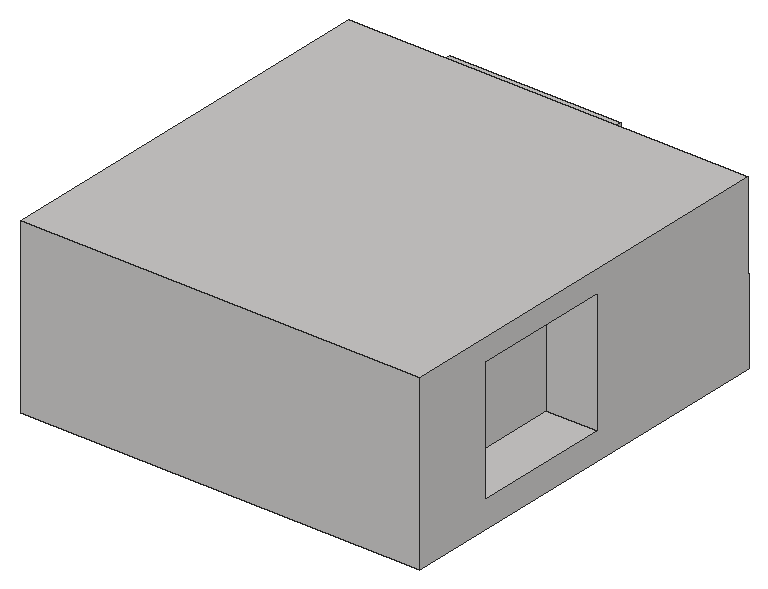
Revit family
Parameters
  Width = 4' - 0 1/8"
  Voltage = 208 V
  Unit Weight = "220.0 lbs"
  UltraLoc Liner = Choose Liner Option = 3  # no
  URL = "http://www.titus-hvac.com/"
  UL = "181"
  Supply Air Flow [instance] = 0 CFM
  SteriLoc Liner = Choose Liner Option = 2  # no
  Primary Air Pressure Drop [instance] = 0.00 in-wg
  Primary Air Flow [instance] = 0 CFM
  Plenum Air Pressure Drop [instance] = 0.00 in-wg
  Plenum Air Flow [instance] = 0 CFM
  Outlet Width = 1' - 4 1/2"
  Outlet Vertical Offset = 0' - 1 1/8"
  Outlet Horizontal Offset = 0' - 1 3/8"
  Outlet Height = 1' - 2 1/2"
  Number of Poles = 2
  Nominal Width = Width + 0' 6 1/4"  # 4' - 6 3/8"
  Nominal Length = Length + 0' 3 3/8"  # 4' - 2 1/4"
  Nominal Inlet Size = 1' - 2"
  Nominal Height = 1' - 8 1/8"
  NFPA = "90A"
  Motor Full Load Amps = 4.3 A
  Model = "DTQS"
  Min. Air Flow = 0 CFM
  Max. Air Flow = 0 CFM
  Material = Galvanized Steel
  Manufacturer = "Titus"
  Length = 3' - 10 7/8"
  Juction Box Offset = 0' - 6 7/8"
  Inlet Diameter = Nominal Inlet Size - 0' 0 1/8"  # 1' - 1 7/8"
  Induced offset = 0' - 1 1/4"
  Induced Air Inlet Offset = 0' - 4 1/2"
  Induced Air Inlet Width = 1' - 9"
  Induced Air Inlet Height = 1' - 5 1/2"
  Induced Air Filter = no
  Heating Total Capacity [instance] = 0 Btu/h
  Half Outlet Connection Width = Outlet Width / 2  # 0' - 8 1/4"
  Half Outlet Connection Height = Outlet Height / 2  # 0' - 7 1/4"
  Half Height Start = -(Nominal Height / 2)  # -0' - 10 1/16"
  Half Height End = Nominal Height / 2  # 0' - 10 1/16"
  HP-Motor = "1/3"
  Frequency = 60 Hz
  Filter Size = "27\"x20\""
  Fiber Free Liner = Choose Liner Option = 1  # no
  Fan Disconnect Switch = no
  Duct Radius = Nominal Inlet Size / 2  # 0' - 7"
  Description = "Series Fan Powered Terminal Unit, Direct Digital Control, Pressure Independent"
  Connection Void Radius = Connection Radius - 0' 0 1/4"  # 0' - 6 11/16"
  Connection Radius = Inlet Diameter / 2  # 0' - 6 15/16"
  Choose Liner Option = 0
  CADworks URL = "www.CADworks.net"
  Assembly Code = "D3040100"
  Apparent Power = Voltage * Motor Full Load Amps  # 894.4 VA
  Air Inlet Offset = 0' - 10"
  1/2" Fiberglass Liner = Choose Liner Option = 0  # yes
Reference planes (in)
  plane 1 "Center (Front/Back)": y = 0
  plane 2: z = 0
  plane 3 "Center (Left/Right)": x = 3
  plane 4: x = -20.4375
  plane 5: x = 26.4375
  plane 6: x = -13.5625
  plane 7: x = -23.8125
  plane 8 "Center (Elevation)": z = 0
  plane 9: y = -24.0625
  plane 10: y = 24.0625
  plane 11: y = 14.0625
  plane 12: y = -19.5625
  plane 13: x = 20.4375
  plane 14: y = 30.3125
  plane 15: z = 10.0625
  plane 16: z = -10.0625
Forms (in)
  Extrusion 1, solid, material "Galvanized Steel" <- "Material"
    sketch origin (0, 0, 52) x (1, 0, 0) y (0, 1, 0)
      loop
        line (-20.4375, 24.0625) -> (-20.4375, -24.0625) -> (26.4375, -24.0625) -> (26.4375, 24.0625) -> (-20.4375, 24.0625)
    from -62.0625 <- "Half Height Start" to -41.9375 <- "Half Height End"
  Extrusion 2, solid, material "Galvanized Steel" <- "Material"
    sketch origin (5.0625, 0, -6) x (1, 0, 0) y (0, 1, 0)
      loop
        line (-18.625, 24.0625) -> (1.375, 24.0625) -> (1.375, 30.3125) -> (-18.625, 30.3125) -> (-18.625, 24.0625)
    from 0 to 12
  Extrusion 3, void
    sketch origin (26.4375, 24.0625, 53.125) x (0, 1, 0) y (0, 0, -1)
      loop
        line (-22.125, 45.5625) -> (-22.125, 60.0625) -> (-38.625, 60.0625) -> (-38.625, 45.5625) -> (-22.125, 45.5625)
    from 0 to 6
  Extrusion 4, solid, material "Galvanized Steel" <- "Material"
    sketch origin (-24.875, 0.5625, 0) x (0, 0, -1) y (0, 1, 0)
      loop
        circle (0, 13.5) r 6.9375
    from 1.0625 to 4.4375
  Extrusion 5, void
    sketch origin (-24.875, 0, 0) x (0, 1, 0) y (0, 0, 1)
      loop
        circle (14.0625, 0) r 6.6875
    from 1.0625 to 11.3125
  Extrusion 6, void
    sketch origin (-20.4375, -24.0625, 52) x (0, -1, 0) y (0, 0, -1)
      loop
        line (-25.5, 43.3125) -> (-4.5, 43.3125) -> (-4.5, 60.8125) -> (-25.5, 60.8125) -> (-25.5, 43.3125)
    from 0 to 6.875
Cuts and joins
  Extrusion 3, Extrusion 5, Extrusion 6 cuts Extrusion 1
  Extrusion 5 cuts Extrusion 4
Dimensions and locks (in)
  "Length": plane 5 to plane 4
  equal spacing: plane 5, plane 3 "Center (Left/Right)", plane 4
  locked: Extrusion 2 to plane 6 at 0
  locked: Extrusion 2 to Extrusion 2 at 20
  "Juction Box Offset": plane 6 to plane 4
  "Outlet Height": Extrusion 3 sketch curve to Extrusion 3 sketch curve
  "Outlet Width": Extrusion 3 sketch curve to Extrusion 3 sketch curve
  locked: plane 4 to plane 7 at 3.375
  "Width": plane 9 to plane 10
  equal spacing: plane 9, plane 1 "Center (Front/Back)", plane 10
  locked: Extrusion 4 sketch curve to level at 0
  locked: Extrusion 4 sketch curve to plane 11 at 0
  locked: Extrusion 5 sketch curve to level at 0
  locked: Extrusion 5 sketch curve to plane 11 at 0
  locked: Extrusion 2 to Extrusion 2 at 6.25
  "Air Inlet Offset": plane 10 to plane 11
  locked: Extrusion 2 to plane 10 at 0
  locked: cut or joined group of Extrusion 4, Extrusion 5 to plane 7 at 0
  locked: cut or joined group of Extrusion 4, Extrusion 5 to cut or joined group of Extrusion 4, Extrusion 5 at 3.375
  "Induced Air Inlet Offset": plane 9 to plane 12
  "Induced Air Inlet Width": Extrusion 6 sketch curve to Extrusion 6 sketch curve
  "Induced Air Inlet Height": Extrusion 6 sketch curve to Extrusion 6 sketch curve
  "Induced Air Inlet Offset": Extrusion 6 sketch curve to plane 9
  locked: plane 9 to Extrusion 3 sketch curve at 9.5
  cut or joined group of Extrusion 1, Extrusion 3, Extrusion 5, Extrusion 6 to Extrusion 3 sketch curve = 0' - 3 1/8"
  locked: Extrusion 2 to Extrusion 2 at 12
  equal spacing: Extrusion 2, level, Extrusion 2
  locked: cut or joined group of Extrusion 1, Extrusion 3, Extrusion 5, Extrusion 6 to cut or joined group of Extrusion 1, Extrusion 3, Extrusion 5, Extrusion 6 at 20.125
  equal spacing: cut or joined group of Extrusion 1, Extrusion 3, Extrusion 5, Extrusion 6, level, cut or joined group of Extrusion 1, Extrusion 3, Extrusion 5, Extrusion 6
  "Induced offset": Extrusion 6 sketch curve to cut or joined group of Extrusion 1, Extrusion 3, Extrusion 5, Extrusion 6
  "Connection Radius": radius of Extrusion 4 sketch curve
  "Connection Void Radius": radius of Extrusion 5 sketch curve
  aligned and locked: plane 6 to Extrusion 6
  aligned and locked: Extrusion 3 to plane 13
  aligned and locked: plane 5 to cut or joined group of Extrusion 1, Extrusion 3, Extrusion 5, Extrusion 6
  aligned and locked: cut or joined group of Extrusion 1, Extrusion 3, Extrusion 5, Extrusion 6 to plane 4
  aligned and locked: cut or joined group of Extrusion 1, Extrusion 3, Extrusion 5, Extrusion 6 to plane 10
  aligned and locked: plane 9 to cut or joined group of Extrusion 1, Extrusion 3, Extrusion 5, Extrusion 6
  aligned and locked: Extrusion 1 to Extrusion 6
  aligned and locked: Extrusion 5 to plane 7
  aligned and locked: plane 6 to Extrusion 5
Automatic sketch dimensions
  Extrusion 1 sketch curve to plane 4 = 0' - 0"
  plane 5 to Extrusion 1 sketch curve = 0' - 0"
  Extrusion 1 sketch curve to plane 9 = 0' - 0"
  Extrusion 1 sketch curve to plane 10 = 0' - 0"
  Extrusion 2 sketch curve to plane 6 = 0' - 0"
  Extrusion 2 sketch curve to plane 10 = 0' - 0"
  plane 3 "Center (Left/Right)" to Extrusion 2 sketch curve = 0' - 3 7/16"
  Extrusion 2 sketch curve to plane 10 = 0' - 6 1/4"
Connectors (in)
  electrical at (-3.5625, 30.3125, 0), driven by "Apparent Power", driven by "Voltage", driven by "Number of Poles"
    settings: on Extrusion 2, index 8
  hvac at (-23.8125, 14.0625, 0), driven by "Primary Air Flow", driven by "Duct Radius", driven by "Primary Air Pressure Drop"
    settings: on cut or joined group of Extrusion 4, Extrusion 5, index 9
  hvac at (-20.4375, -9.0625, -0.0625), driven by "Induced Air Inlet Height", driven by "Induced Air Inlet Width", driven by "Plenum Air Pressure Drop", driven by "Plenum Air Flow"
    settings: on cut or joined group of Extrusion 1, Extrusion 3, Extrusion 5, Extrusion 6, index 12
  hvac at (26.4375, -6.3125, 0.3125), driven by "Supply Air Flow", driven by "Outlet Width", driven by "Outlet Height"
    settings: on cut or joined group of Extrusion 1, Extrusion 3, Extrusion 5, Extrusion 6, index 13
